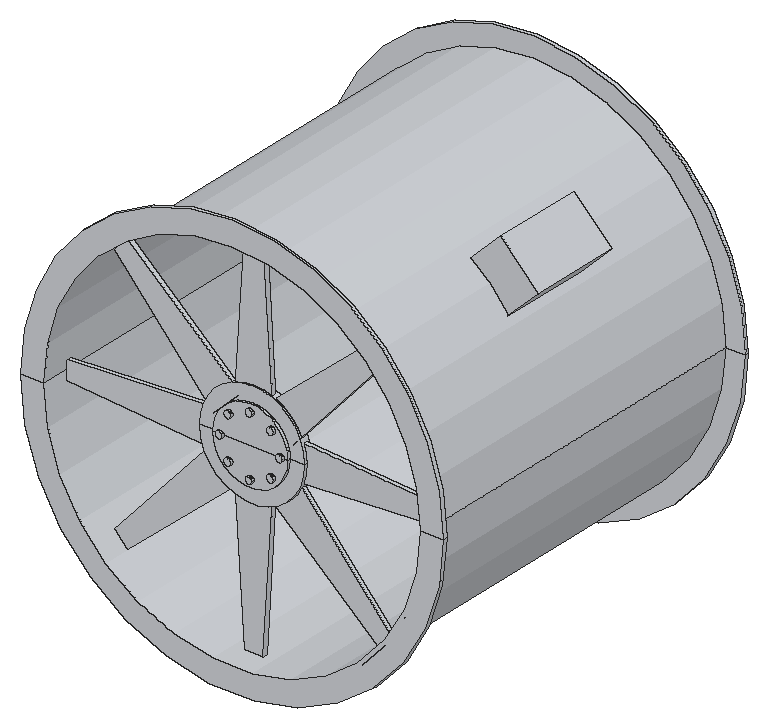
Revit family "CADS_Vent-Axia_MechEquip_Fan_LCA_560_3Ph4P - EXTRACT", category Mechanical Equipment, Revit 2020
Family settings
  Round Connector Dimension = Use Diameter
  Part Type = Normal
  OmniClass Number = 23.75.00.00
  OmniClass Title = Climate Control (HVAC)
  Work Plane-Based = No
  Always vertical = Yes
  Cut with Voids When Loaded = No
  Shared = No
  Room Calculation Point = No
Parameters (values of type "LCA563410")
  nr = NominalDiameter / 2  # 280 mm
  WorkingPressure = 0.0 Pa
  WarrantyStartDate [instance] = "1900-12-31T23:59:59"
  WarrantyPeriod = ""
  WarrantyIdentifier = "N/A"
  WarrantyGuarantorParts = "tech@vent-axia.com"
  WarrantyGuarantorLabor = "tech@vent-axia.com"
  WarrantyGuarantor = "Vent-Axia Limited"
  WarrantyEndDate [instance] = "1900-12-31T23:59:59"
  WarrantyContent = ""
  TemperatureRange = ""
  TagNumber [instance] = "N/A"
  SustainabilityPerformance = ""
  Status = "New"
  Size = ""
  Shape = ""
  ServiceLifeType = ""
  ServiceLifeDuration = ""
  SerialNumber [instance] = "N/A"
  ReplacementCost = ""
  RatedVoltage = 0 V
  RatedCurrent = 0 A
  Quantity = 1
  ProductionYear = ""
  PressureCurve = ""
  PowerFactor = ""
  PointOfContact = ""
  NumberOfPoles = 0
  NominalWidth = 560 mm
  NominalLength = 565 mm
  NominalHeight = 560 mm
  NominalFrequencyRange = ""
  NominalDiameter = 560 mm
  ModelReference = "LCAX 560mm 3PH 4P 10DEG"
  ModelNumber = "LCA563410"
  Material = ""
  ManufacturerE-Mail = "tech@vent-axia.com"
  ManufacturerAddress = "Fleming Way\nCrawley \nRH10 9YX"
  IsExtendedWarranty = no
  InsulationStandardClass = ""
  InstallationDate [instance] = "1900-12-31T23:59:59"
  IfcExportType [instance] = ""
  IfcExportAs = "IfcFanType"
  IP_Code = ""
  HasProtectiveEarth = no
  GrossWeight = 0.00 kg
  Grade = ""
  GlobalTradeItemNumber [instance] = "N/A"
  Fitting Type = "Ignore"
  Finish = ""
  Features = ""
  ExteriorInsulation = no
  ExpectedServiceLife = 0
  Exclusions = ""
  DurationUnit = "Year"
  Default Elevation = 0 mm
  Constituents = ""
  ConductorFunction = ""
  Color = ""
  CodePerformance = ""
  Category = ""
  CADS_Usage = 0
  CADS_Index = 0
  AssetType = "FIXED"
  AssetIdentifier [instance] = "N/A"
  AssemblyPlace = "UNKNOWN"
  ArticleNumber [instance] = "N/A"
  AirflowRateRange = 0.0 L/s
  Air Flow [instance] = 0.0 L/s
  AccessibilityPerformance = ""
Types (16, lengths in mm): name | ModelReference | ModelNumber
  LCA563410 | "LCAX 560mm 3PH 4P 10DEG" | "LCA563410"
  LCA563412 | "LCAX 560mm 3PH 4P 12DEG" | "LCA563412"
  LCA563414 | "LCAX 560mm 3PH 4P 14DEG" | "LCA563414"
  LCA563416 | "LCAX 560mm 3PH 4P 16DEG" | "LCA563416"
  LCA563418 | "LCAX 560mm 3PH 4P 18DEG" | "LCA563418"
  LCA563420 | "LCAX 560mm 3PH 4P 20DEG" | "LCA563420"
  LCA563422 | "LCAX 560mm 3PH 4P 22DEG" | "LCA563422"
  LCA563424 | "LCAX 560mm 3PH 4P 24DEG" | "LCA563424"
  LCA563426 | "LCAX 560mm 3PH 4P 26DEG" | "LCA563426"
  LCA563428 | "LCAX 560mm 3PH 4P 28DEG" | "LCA563428"
  LCA563430 | "LCAX 560mm 3PH 4P 30DEG" | "LCA563430"
  LCA563432 | "LCAX 560mm 3PH 4P 32DEG" | "LCA563432"
  LCA563434 | "LCAX 560mm 3PH 4P 34DEG" | "LCA563434"
  LCA563436 | "LCAX 560mm 3PH 4P 36DEG" | "LCA563436"
  LCA563438 | "LCAX 560mm 3PH 4P 38DEG" | "LCA563438"
  LCA563440 | "LCAX 560mm 3PH 4P 40DEG" | "LCA563440"
Reference planes
  plane 1 "Center (Front/Back)": y = 0
  plane 2: z = 0
  plane 3 "Center (Left/Right)": x = 0
  plane 4: x = -280
  plane 5: x = 280
  plane 6 "F": y = -282.5
  plane 7 "B": y = 282.5
  plane 8: x = -315
  plane 9: y = 277.5
  plane 10: y = -277.5
  plane 11: x = -285
  plane 12: y = -242.5
  plane 13 "top": z = 280
  plane 14: z = -280
  plane 15 "45deg": through (0, -1524, 0) normal (-0.7071, 0, -0.7071)
  plane 16 "C": through (0, -1524, 0) normal (-0.7071, 0, 0.7071)
Forms (mm)
  Revolve 1, solid
    sketch origin (0, 0, 0) x (1, 0, 0) y (0, 1, 0)
      loop
        line (-315, -282.5) -> (-280, -282.5) -> (-280, 282.5) -> (-315, 282.5) -> (-315, 277.5) -> (-285, 277.5) -> (-285, -277.5) -> (-315, -277.5) -> (-315, -282.5)
      axis (0, 282.5) -> (0, -282.5)
    angle from 0 to 360
  Sweep 2, solid
    path origin (0, 0, 0) x (1, 0, 0) y (0, 0, 1)
      loop
        line (197.99, 197.99) -> (243.952, 243.952)
    profile origin (220.971, 0, 220.971) x (-0.707107, 0, 0.707107) y (0, -1, 0)
      loop
        line (37.5, 55) -> (-42.73, 55) -> (-42.73, -79.5) -> (37.5, -79.5) -> (37.5, 55)
Dimensions and locks
  equal spacing: plane 4, plane 3 "Center (Left/Right)", plane 5
  equal spacing: plane 7 "B", plane 1 "Center (Front/Back)", plane 6 "F"
  "NominalLength": plane 7 "B" to plane 6 "F"
  "NominalDiameter": plane 4 to plane 5
  locked: plane 11 to plane 4 at 5
  locked: plane 8 to plane 11 at 30
  locked: plane 6 "F" to plane 10 at 5
  locked: plane 7 "B" to plane 9 at 5
  locked: plane 6 "F" to plane 12 at 40
  equal spacing: plane 13 "top", level, plane 14
  "NominalDiameter": plane 13 "top" to plane 14
  "nr": Sweep 2 sketch curve to nested 13
  Sweep 2 sketch curve to Sweep 2 sketch curve = 65 mm
  aligned and locked: level to plane 2
  aligned and locked: nested 1 to plane 12
Automatic sketch dimensions
  plane 6 "F" to Revolve 1 sketch curve = 0 mm
  Revolve 1 sketch curve to plane 8 = 0 mm  (x2)
  plane 10 to Revolve 1 sketch curve = 0 mm
  Revolve 1 sketch curve to plane 11 = 0 mm
  Revolve 1 sketch curve to plane 4 = 0 mm
  Revolve 1 sketch curve to plane 3 "Center (Left/Right)" = 0 mm
  plane 1 "Center (Front/Back)" to Revolve 1 sketch curve = 0 mm
  Revolve 1 sketch curve to plane 9 = 0 mm
  Revolve 1 sketch curve to plane 7 "B" = 0 mm
  plane 6 "F" to Revolve 1 sketch curve = 115 mm
  plane 1 "Center (Front/Back)" to Sweep 2 sketch curve = 55 mm
  Sweep 2 sketch curve to profile plane = 37.5 mm
  Sweep 2 sketch curve to Sweep 2 sketch curve = 80.23 mm
  Sweep 2 sketch curve to Sweep 2 sketch curve = 134.5 mm
  Sweep 2 sketch curve to plane 16 "C" = 0 mm  (x2)
Nested families
  nested 1: "Fan for ESC" at (0, -242.5, 0), ND <- "NominalDiameter", type "Fan for ESC"
    with hub 56 mm, ND 560 mm, BoltPCD 44.8 mm, Bolt Count 8, B_Diam 10 mm
  nested 2: "Bolts" at (0, -251.672, -44.8) x (-1, 0, 0) z (0, 1, 0), type "Bolts"
    with bd 10 mm
  nested 3: "Bolts" at (-31.678, -251.672, -31.678) x (-0.7071, 0, 0.7071) z (0, 1, 0), type "Bolts"
    with bd 10 mm
  nested 4: "Bolts" at (-44.8, -251.672, 0) x (0, 0, 1) z (0, 1, 0), type "Bolts"
    with bd 10 mm
  nested 5: "Bolts" at (-31.678, -251.672, 31.678) x (0.7071, 0, 0.7071) z (0, 1, 0), type "Bolts"
    with bd 10 mm
  nested 6: "Bolts" at (31.678, -251.672, 31.678) x (0.7071, 0, -0.7071) z (0, 1, 0), type "Bolts"
    with bd 10 mm
  nested 7: "Bolts" at (0, -251.672, 44.8) x (1, 0, 0) z (0, 1, 0), type "Bolts"
    with bd 10 mm
  nested 8: "ESC Blade" at (0, -242.5, 0), type "ESC Blade"
    with a 20.00°, HR 56 mm, HD 112 mm, BT 28 mm, BR 224 mm, BH 40 mm, BD 560 mm, BB 56 mm
  nested 9: "ESC Blade" at (0, -242.5, 0) x (0.7071, 0, -0.7071) z (0.7071, 0, 0.7071), type "ESC Blade"
    with a 20.00°, HR 56 mm, HD 112 mm, BT 28 mm, BR 224 mm, BH 40 mm, BD 560 mm, BB 56 mm
  nested 10: "ESC Blade" at (0, -242.5, 0) x (0, 0, -1) z (1, 0, 0), type "ESC Blade"
    with a 20.00°, HR 56 mm, HD 112 mm, BT 28 mm, BR 224 mm, BH 40 mm, BD 560 mm, BB 56 mm
  nested 11: "ESC Blade" at (0, -242.5, 0) x (-0.7071, 0, -0.7071) z (0.7071, 0, -0.7071), type "ESC Blade"
    with a 20.00°, HR 56 mm, HD 112 mm, BT 28 mm, BR 224 mm, BH 40 mm, BD 560 mm, BB 56 mm
  nested 12: "ESC Blade" at (0, -242.5, 0) x (-1, 0, 0) z (0, 0, -1), type "ESC Blade"
    with a 20.00°, HR 56 mm, HD 112 mm, BT 28 mm, BR 224 mm, BH 40 mm, BD 560 mm, BB 56 mm
  nested 13: "ESC Blade" at (0, -242.5, 0) x (-0.7071, 0, -0.7071) z (-0.7071, 0, 0.7071), type "ESC Blade"
    with a 20.00°, HR 56 mm, HD 112 mm, BT 28 mm, BR 224 mm, BH 40 mm, BD 560 mm, BB 56 mm
  nested 14: "ESC Blade" at (0, -242.5, 0) x (0, 0, -1) z (-1, 0, 0), type "ESC Blade"
    with a 20.00°, HR 56 mm, HD 112 mm, BT 28 mm, BR 224 mm, BH 40 mm, BD 560 mm, BB 56 mm
  nested 15: "ESC Blade" at (0, -242.5, 0) x (0.7071, 0, -0.7071) z (-0.7071, 0, -0.7071), type "ESC Blade"
    with a 20.00°, HR 56 mm, HD 112 mm, BT 28 mm, BR 224 mm, BH 40 mm, BD 560 mm, BB 56 mm
  nested 16: "Bolts" at (44.8, -251.672, 0) x (0, 0, -1) z (0, 1, 0), type "Bolts"
    with bd 10 mm
  nested 17: "Bolts" at (31.678, -251.672, -31.678) x (-0.7071, 0, -0.7071) z (0, 1, 0), type "Bolts"
    with bd 10 mm
Connectors
  hvac at (0, -282.5, 0), driven by "NominalDiameter", driven by "Air Flow"
    settings: on Revolve 1, index 1, duct flow 0.0 L/s, flow factor 0, pres drop 0.0 Pa, loss coef 0, conn angle 0.00°, conn width 304.8 mm, conn height 304.8 mm, conn diameter 560 mm, duct sys type 2, conn prof type 0, flow config 0, flow direction 1, loss method 0, conn ref index -1, conn util no, is conn primary yes, conn desc ""
  hvac at (0, 282.5, 0), driven by "NominalDiameter", driven by "Air Flow"
    settings: on Revolve 1, index 2, duct flow 0.0 L/s, flow factor 0, pres drop 0.0 Pa, loss coef 0, conn angle 0.00°, conn width 304.8 mm, conn height 304.8 mm, conn diameter 560 mm, duct sys type 3, conn prof type 0, flow config 1, flow direction 2, loss method 0, conn ref index -1, conn util no, is conn primary no, conn desc ""
Definition of nested family "Fan for ESC"
  Parameters (values of type "Fan for ESC")
    hub [instance] = ND / 10  # 56.7 mm
    ND [instance] = 567 mm
    Model = "."
    Default Elevation = 0 mm
    BoltPCD [instance] = hub - (hub * 0.2)  # 45.36 mm
    Bolt Count [instance] = if(hub < 50 mm, 6, 8)  # 8
    B_Diam [instance] = if(hub < 50 mm, 5 mm, 10 mm)  # 10 mm
  Reference planes
    plane 1 "Center (Front/Back)": y = 0
    plane 2: z = 0
    plane 3 "Center (Left/Right)": x = 0
    plane 4 "back": y = 20
    plane 5 "bolts": y = -9.172
    plane 6 "B": z = 56.7
    plane 7: x = -79.287
    plane 8: x = -56.7
    plane 9 "hubface": y = -6.172
  Forms (mm)
    Revolve 1, solid
      sketch origin (0, 0, 0) x (1, 0, 0) y (0, 1, 0)
        loop
          line (0, 20) -> (-56.7, 20) -> (-56.7, 10.504) -> (-79.287, 10.504) -> (-79.287, -2.597) -> (-56.7, -2.597) -> (-56.7, -6.172) -> (0, -6.172) -> (0, 20)
        axis (0, 20) -> (0, -6.172)
      angle from 0 to 360
    Extrusion 2, solid, not visible
      sketch origin (0, -6.347, -4) x (-1, 0, 0) y (0, 0, 1)
        loop
          circle (0, 84) r 5
      from 0 to 3
  Lines and regions (mm)
    symbolic lines
      curve 1: circle (0, -9.172, 0) r 45.36 normal (0, 1, 0)
    model lines, not visible
      curve 2: line (0, -6.347, 85) -> (0, -6.347, 75)
  Dimensions and locks
    "hub": plane 6 "B" to plane 2
    "hub": nested 3 to plane 3 "Center (Left/Right)"
    "hub": nested 4 to plane 3 "Center (Left/Right)"
    "hub": nested 5 to plane 3 "Center (Left/Right)"
    "hub": plane 3 "Center (Left/Right)" to nested 6
    "hub": Revolve 1 sketch curve to Revolve 1 sketch curve
    "hub": plane 3 "Center (Left/Right)" to nested 7
    "hub": plane 3 "Center (Left/Right)" to nested 8
    "hub": plane 3 "Center (Left/Right)" to nested 9
    "hub": plane 8 to plane 3 "Center (Left/Right)"
    plane 7 to plane 8 = 22.587 mm
    diameter of Extrusion 2 sketch curve = 10 mm
    "BoltPCD": radius of curve 1
    "BoltPCD": radius of radial array
    aligned and locked: level to plane 2
    aligned and locked: plane 6 "B" to nested 1
  Automatic sketch dimensions
    Revolve 1 sketch curve to plane 7 = 0 mm
    Revolve 1 sketch curve to plane 8 = 0 mm  (x2)
    Revolve 1 sketch curve to plane 3 "Center (Left/Right)" = 0 mm
    Revolve 1 sketch curve to plane 9 "hubface" = 0 mm
    plane 4 "back" to Revolve 1 sketch curve = 0 mm
    plane 1 "Center (Front/Back)" to Revolve 1 sketch curve = 2.597 mm
    plane 4 "back" to Revolve 1 sketch curve = 9.496 mm
    Revolve 1 sketch curve to Revolve 1 sketch curve = 5 mm
    Revolve 1 sketch curve to plane 4 "back" = 45 mm
    curve 1 to level = 0 mm
    curve 1 to plane 3 "Center (Left/Right)" = 0 mm
  Nested families
    nested 1: "ESC Blade" at (0, 0, 0), BD <- "ND", HD <- "hub", type "ESC Blade"
      with a 20.00°, HR 56.7 mm, HD 113.4 mm, BT 28.35 mm, BR 226.8 mm, BH 40 mm, BD 567 mm, BB 56.7 mm
    nested 2: "ESC Blade" at (0, 0, 755), BD <- "ND", HD <- "hub", type "ESC Blade", not visible
      with a 20.00°, HR 56.7 mm, HD 113.4 mm, BT 28.35 mm, BR 226.8 mm, BH 40 mm, BD 567 mm, BB 56.7 mm
    nested 3: "ESC Blade" at (0, 0, 0) x (0.7071, 0, -0.7071) z (0.7071, 0, 0.7071), BD <- "ND", HD <- "hub", type "ESC Blade"
      with a 20.00°, HR 56.7 mm, HD 113.4 mm, BT 28.35 mm, BR 226.8 mm, BH 40 mm, BD 567 mm, BB 56.7 mm
    nested 4: "ESC Blade" at (0, 0, 0) x (0, 0, -1) z (1, 0, 0), BD <- "ND", HD <- "hub", type "ESC Blade"
      with a 20.00°, HR 56.7 mm, HD 113.4 mm, BT 28.35 mm, BR 226.8 mm, BH 40 mm, BD 567 mm, BB 56.7 mm
    nested 5: "ESC Blade" at (0, 0, 0) x (-0.7071, 0, -0.7071) z (0.7071, 0, -0.7071), BD <- "ND", HD <- "hub", type "ESC Blade"
      with a 20.00°, HR 56.7 mm, HD 113.4 mm, BT 28.35 mm, BR 226.8 mm, BH 40 mm, BD 567 mm, BB 56.7 mm
    nested 6: "ESC Blade" at (0, 0, 0) x (-1, 0, 0) z (0, 0, -1), BD <- "ND", HD <- "hub", type "ESC Blade"
      with a 20.00°, HR 56.7 mm, HD 113.4 mm, BT 28.35 mm, BR 226.8 mm, BH 40 mm, BD 567 mm, BB 56.7 mm
    nested 7: "ESC Blade" at (0, 0, 0) x (-0.7071, 0, -0.7071) z (-0.7071, 0, 0.7071), BD <- "ND", HD <- "hub", type "ESC Blade"
      with a 20.00°, HR 56.7 mm, HD 113.4 mm, BT 28.35 mm, BR 226.8 mm, BH 40 mm, BD 567 mm, BB 56.7 mm
    nested 8: "ESC Blade" at (0, 0, 0) x (0, 0, -1) z (-1, 0, 0), BD <- "ND", HD <- "hub", type "ESC Blade"
      with a 20.00°, HR 56.7 mm, HD 113.4 mm, BT 28.35 mm, BR 226.8 mm, BH 40 mm, BD 567 mm, BB 56.7 mm
    nested 9: "ESC Blade" at (0, 0, 0) x (0.7071, 0, -0.7071) z (-0.7071, 0, -0.7071), BD <- "ND", HD <- "hub", type "ESC Blade"
      with a 20.00°, HR 56.7 mm, HD 113.4 mm, BT 28.35 mm, BR 226.8 mm, BH 40 mm, BD 567 mm, BB 56.7 mm
    nested 10: "Bolts" at (0, -9.172, 45.36) x (1, 0, 0) z (0, 1, 0), bd <- "B_Diam", type "Bolts"
      with bd 10 mm
    nested 11: "Bolts" at (32.074, -9.172, 32.074) x (0.7071, 0, -0.7071) z (0, 1, 0), bd <- "B_Diam", type "Bolts"
      with bd 10 mm
    nested 12: "Bolts" at (-32.074, -9.172, 32.074) x (0.7071, 0, 0.7071) z (0, 1, 0), bd <- "B_Diam", type "Bolts"
      with bd 10 mm
    nested 13: "Bolts" at (-45.36, -9.172, 0) x (0, 0, 1) z (0, 1, 0), bd <- "B_Diam", type "Bolts"
      with bd 10 mm
    nested 14: "Bolts" at (-32.074, -9.172, -32.074) x (-0.7071, 0, 0.7071) z (0, 1, 0), bd <- "B_Diam", type "Bolts"
      with bd 10 mm
    nested 15: "Bolts" at (0, -9.172, -45.36) x (-1, 0, 0) z (0, 1, 0), bd <- "B_Diam", type "Bolts"
      with bd 10 mm
    nested 16: "Bolts" at (32.074, -9.172, -32.074) x (-0.7071, 0, -0.7071) z (0, 1, 0), bd <- "B_Diam", type "Bolts"
      with bd 10 mm
    nested 17: "Bolts" at (45.36, -9.172, 0) x (0, 0, -1) z (0, 1, 0), bd <- "B_Diam", type "Bolts"
      with bd 10 mm
  Definition of nested family "ESC Blade"
    Parameters (values of type "ESC Blade")
      a [instance] = 20.00°
      HR [instance] = HD / 2  # 30 mm
      HD [instance] = BD / 5  # 60 mm
      Default Elevation = 1219.2 mm
      BT [instance] = BD / 20  # 15 mm
      BR [instance] = (BD / 2) - HR  # 120 mm
      BH [instance] = 40 mm
      BD [instance] = 300 mm
      BB [instance] = BD / 10  # 30 mm
    Reference planes
      plane 1 "Center (Front/Back)": y = 0
      plane 2: z = 0
      plane 3 "Center (Left/Right)": x = 0
      plane 4 "Blade Bot": z = 30
      plane 5: x = -15
      plane 6: x = 15
      plane 7: x = -7.5
      plane 8: x = 7.5
    Forms (mm)
      Blend 1, solid
        base sketch origin (0, 0, 30) x (-1, 0, 0) y (0, -1, 0)
          loop
            line (15, 0) -> (-15, 0) -> (-15, -6) -> (15, -6) -> (15, 0)
        top sketch origin (0, 0, 30) x (-1, 0, 0) y (0, -1, 0)
          loop
            line (7.5, -6) -> (7.5, 0) -> (-7.5, 0) -> (-7.5, -6) -> (7.5, -6)
        from 0 to 120 <- "BR"
    Dimensions and locks
      "HR": plane 4 "Blade Bot" to level
      equal spacing: plane 8, plane 3 "Center (Left/Right)", plane 7
      "BT": plane 8 to plane 7
      equal spacing: plane 6, plane 3 "Center (Left/Right)", plane 5
      "BB": plane 6 to plane 5
      aligned and locked: level to plane 2
    Automatic sketch dimensions
      plane 1 "Center (Front/Back)" to Blend 1 sketch curve = 0 mm  (x2)
      Blend 1 sketch curve to plane 6 = 0 mm
      Blend 1 sketch curve to plane 5 = 0 mm
      Blend 1 sketch curve to plane 1 "Center (Front/Back)" = 6 mm  (x2)
      Blend 1 sketch curve to plane 8 = 0 mm
      Blend 1 sketch curve to plane 7 = 0 mm
  Definition of nested family "Bolts"
    Parameters
      bd [instance] = 10 mm
      Default Elevation = 1219.2 mm
    Reference planes
      plane 1 "Center (Front/Back)": y = 0
      plane 2: z = 0
      plane 3 "Center (Left/Right)": x = 0
    Forms (mm)
      Extrusion 1, solid
        sketch origin (0, 0, 0) x (1, 0, 0) y (0, 1, 0)
          loop
            line (-1219.2, 1219.2) -> (-1219.2, -1219.2) -> (1219.2, -1219.2) -> (1219.2, 1219.2) -> (-1219.2, 1219.2)
        from 0 to -304.8
      Extrusion 2, solid
        sketch origin (0, 0, 0) x (1, 0, 0) y (0, 1, 0)
          loop
            circle (0, 0) r 5
        from 0 to 3
    Dimensions and locks
      "bd": diameter of Extrusion 2 sketch curve
      aligned and locked: plane 2 to Extrusion 1
      aligned and locked: level to Extrusion 1
    Automatic sketch dimensions
      Extrusion 1 sketch curve to Extrusion 1 sketch curve = 2438.4 mm  (x2)
      plane 1 "Center (Front/Back)" to Extrusion 2 sketch curve = 0 mm
      Extrusion 2 sketch curve to plane 3 "Center (Left/Right)" = 0 mm
Definition of nested family "Bolts"
  Parameters
    bd [instance] = 10 mm
    Default Elevation = 1219.2 mm
  Reference planes
    plane 1 "Center (Front/Back)": y = 0
    plane 2: z = 0
    plane 3 "Center (Left/Right)": x = 0
  Forms (mm)
    Extrusion 1, solid
      sketch origin (0, 0, 0) x (1, 0, 0) y (0, 1, 0)
        loop
          line (-1219.2, 1219.2) -> (-1219.2, -1219.2) -> (1219.2, -1219.2) -> (1219.2, 1219.2) -> (-1219.2, 1219.2)
      from 0 to -304.8
    Extrusion 2, solid
      sketch origin (0, 0, 0) x (1, 0, 0) y (0, 1, 0)
        loop
          circle (0, 0) r 5
      from 0 to 3
  Dimensions and locks
    "bd": diameter of Extrusion 2 sketch curve
    aligned and locked: plane 2 to Extrusion 1
    aligned and locked: level to Extrusion 1
  Automatic sketch dimensions
    Extrusion 1 sketch curve to Extrusion 1 sketch curve = 2438.4 mm  (x2)
    plane 1 "Center (Front/Back)" to Extrusion 2 sketch curve = 0 mm
    Extrusion 2 sketch curve to plane 3 "Center (Left/Right)" = 0 mm
Definition of nested family "ESC Blade"
  Parameters (values of type "ESC Blade")
    a [instance] = 20.00°
    HR [instance] = HD / 2  # 30 mm
    HD [instance] = BD / 5  # 60 mm
    Default Elevation = 1219.2 mm
    BT [instance] = BD / 20  # 15 mm
    BR [instance] = (BD / 2) - HR  # 120 mm
    BH [instance] = 40 mm
    BD [instance] = 300 mm
    BB [instance] = BD / 10  # 30 mm
  Reference planes
    plane 1 "Center (Front/Back)": y = 0
    plane 2: z = 0
    plane 3 "Center (Left/Right)": x = 0
    plane 4 "Blade Bot": z = 30
    plane 5: x = -15
    plane 6: x = 15
    plane 7: x = -7.5
    plane 8: x = 7.5
  Forms (mm)
    Blend 1, solid
      base sketch origin (0, 0, 30) x (-1, 0, 0) y (0, -1, 0)
        loop
          line (15, 0) -> (-15, 0) -> (-15, -6) -> (15, -6) -> (15, 0)
      top sketch origin (0, 0, 30) x (-1, 0, 0) y (0, -1, 0)
        loop
          line (7.5, -6) -> (7.5, 0) -> (-7.5, 0) -> (-7.5, -6) -> (7.5, -6)
      from 0 to 120 <- "BR"
  Dimensions and locks
    "HR": plane 4 "Blade Bot" to level
    equal spacing: plane 8, plane 3 "Center (Left/Right)", plane 7
    "BT": plane 8 to plane 7
    equal spacing: plane 6, plane 3 "Center (Left/Right)", plane 5
    "BB": plane 6 to plane 5
    aligned and locked: level to plane 2
  Automatic sketch dimensions
    plane 1 "Center (Front/Back)" to Blend 1 sketch curve = 0 mm  (x2)
    Blend 1 sketch curve to plane 6 = 0 mm
    Blend 1 sketch curve to plane 5 = 0 mm
    Blend 1 sketch curve to plane 1 "Center (Front/Back)" = 6 mm  (x2)
    Blend 1 sketch curve to plane 8 = 0 mm
    Blend 1 sketch curve to plane 7 = 0 mm
